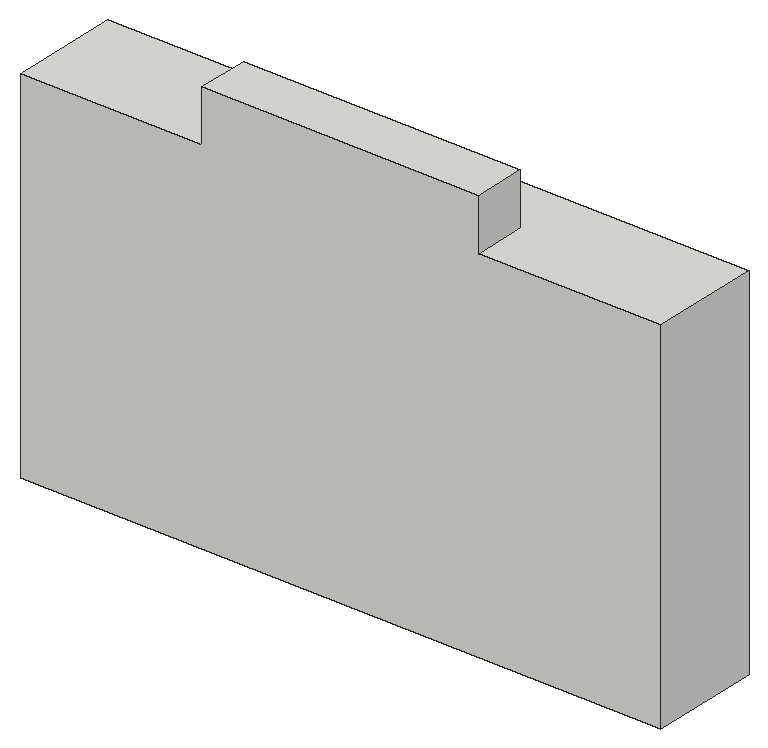
Revit family "T93060E Kubus65 Kombi LED strål LED driver_Tak ", category Lighting Fixtures, Revit 2016
Family settings
  Part Type = Normal
  Round Connector Dimension = Use Diameter
  OmniClass Number = 23.80.70.11.21
  OmniClass Title = Emergency Lighting
  Work Plane-Based = No
  Always vertical = Yes
  Cut with Voids When Loaded = No
  Light Source = Yes
  Shared = No
  Room Calculation Point = No
Parameters (values of type "MarkeringsLys (45 Ned mot venstre)")
  Type Comments = "-UN"
  NS8360 = "4431_WT2"
  Markeringslys normal = no
  Markeringslys ikke normal = yes
  Keynote = "WT2"
  Height 2 = 30 mm
  Width = 63.5 mm
  Wattage Comments = "17 W"
  Wattage = 9.2903 W
  built-in parameter 1150110 = 1 (stored number, unit not read)
  Voltage = 230 V
  URL = ""
  built-in parameter 1114217 = 1 (stored number, unit not read)
  Tilt Angle = 90.00°
  built-in parameter 1150109 = 1 (stored number, unit not read)
  built-in parameter 1150134 = 3
  Symbol Positive Direction [instance] = yes
  Symbol Offset Side [instance] = 0 mm
  Symbol Offset Out [instance] = 0 mm
  built-in parameter 1150113 = 1 (stored number, unit not read)
  Reference Line Out [instance] = 50 mm
  Photometric Web File = "20x42A12.ies"
  Number of Poles = 1
  MarkeringsLys Venstre = no
  MarkeringsLys Ned = no
  MarkeringsLys Opp = no
  MarkeringsLys Høyre = no
  MarkeringsLys 45 Opp mot venstre = no
  MarkeringsLys 45 Opp mot høyre = no
  MarkeringsLys 45 Ned mot venstre = yes
  MarkeringsLys 45 Ned mot høyre = no
  ML = yes
  built-in parameter 1150105 = 109.82 (stored number, unit not read)
  Lumens = 1380 lm
  built-in parameter 1150115 = 1 (stored number, unit not read)
  Load Classification [instance] = Other
  Model = ""
  Manufacturer = "Honeywell"
  built-in parameter 1150137 = (empty or 0)
  built-in parameter 1150139 = (empty or 0)
  Length 1 = 340 mm
  Length = 370 mm
  LedeLys = no
  built-in parameter 1150112 = 1 (stored number, unit not read)
  built-in parameter 1150114 = 1 (stored number, unit not read)
  Lamp = "1"
  built-in parameter 1150132 = (empty or 0)
  built-in parameter 1150102 = (empty or 0)
  built-in parameter 1150107 = 3200 (stored number, unit not read)
  built-in parameter 1150138 = (empty or 0)
  built-in parameter 1150106 = 1.0982 (stored number, unit not read)
  Height 1 = 180 mm
  Height = 209 mm
  Emit from Rectangle Width = Height  # 209 mm
  Emit from Rectangle Length = Length  # 370 mm
  Emit Shape Visible in Rendering = no
  built-in parameter 1150104 = 13.8 (stored number, unit not read)
  Dimming Lamp Color Temperature Shift = <None>
  Description = ""
  Color Filter = 16777215
  Body Material and Colour = Steel
  built-in parameter 1114218 = 1 (stored number, unit not read)
  built-in parameter 1150133 = 10 (stored number, unit not read)
  Assembly Code = "4431"
  Apparent Load = 17 VA
Types (9, lengths in mm): name | NS8360 | Markeringslys normal | Markeringslys ikke normal | MarkeringsLys Venstre | MarkeringsLys Ned | MarkeringsLys Opp | MarkeringsLys Høyre | MarkeringsLys 45 Opp mot venstre | MarkeringsLys 45 Opp mot høyre | MarkeringsLys 45 Ned mot venstre | MarkeringsLys 45 Ned mot høyre | ML | LedeLys | Assembly Code
  LedeLys | "4432_WT2" | yes | no | no | no | no | no | no | no | no | no | no | yes | "4432"
  MarkeringsLys (Ned) | "4431_WT2" | yes | no | no | yes | no | no | no | no | no | no | yes | no | "4431"
  MarkeringsLys (Opp) | "4431_WT2" | yes | no | no | no | yes | no | no | no | no | no | yes | no | "4431"
  MarkeringsLys (Venstre) | "4431_WT2" | no | yes | yes | no | no | no | no | no | no | no | yes | no | "4431"
  MarkeringsLys (Høyre) | "4431_WT2" | yes | no | no | no | no | yes | no | no | no | no | yes | no | "4431"
  MarkeringsLys (45 Ned mot høyre) | "4431_WT2" | yes | no | no | no | no | no | no | no | no | yes | yes | no | "4431"
  MarkeringsLys (45 Ned mot venstre) | "4431_WT2" | no | yes | no | no | no | no | no | no | yes | no | yes | no | "4431"
  MarkeringsLys (45 Opp mot høyre) | "4431_WT2" | yes | no | no | no | no | no | no | yes | no | no | yes | no | "4431"
  MarkeringsLys (45 Opp mot venstre) | "4431_WT2" | no | yes | no | no | no | no | yes | no | no | no | yes | no | "4431"
Reference planes
  plane 1 "Light Source Axis (F/B)": y = 119.961
  plane 2 "Top": z = 83
  plane 3 "Light Source Axis (L/R)": x = 0
  plane 4 "Level": z = -30
  plane 5 "Bottom": z = -239
  plane 6: x = -185
  plane 7: x = 185
  plane 8: y = 181.461
  plane 9: y = 183.461
  plane 10: z = -44.5
  plane 11: x = -170
  plane 12: x = 170
  plane 13: z = -134.5
  plane 14: z = -224.5
  plane 15: x = -80
  plane 16: x = 80
  plane 17: y = 149.961
Forms (mm)
  Extrusion 1, solid, material "Steel" <- "Body Material and Colour"
    sketch origin (0, 119.961, 0) x (1, 0, 0) y (0, 0, 1)
      loop
        line (-185, -30) -> (-185, -239) -> (185, -239) -> (185, -30) -> (-185, -30)
    from 0 to -61.5
  Extrusion 2, solid, material "Steel" <- "Body Material and Colour"
    sketch origin (0, 119.961, 0) x (1, 0, 0) y (0, 0, 1)
      loop
        line (-185, -30) -> (-185, -239) -> (185, -239) -> (185, -30) -> (-185, -30)
      loop
        line (-170, -44.5) -> (-170, -224.5) -> (170, -224.5) -> (170, -44.5) -> (-170, -44.5)
    from -63.5 to -61.5
  Extrusion 3, solid, material "Steel" <- "Body Material and Colour"
    sketch origin (0, 119.961, 0) x (1, 0, 0) y (0, 0, 1)
      loop
        line (-80, 0) -> (-80, -30) -> (80, -30) -> (80, 0) -> (-80, 0)
    from 0 to -30
Cuts and joins
  joined: Extrusion 1, Extrusion 2, Extrusion 3
Lines and regions (mm)
  model lines, style "InvisibleLines"
    curve 1: line (0, 119.961, 0) -> (0, 169.961, 0)
  symbolic lines, style "InvisibleLines"
    curve 2: line (0, 119.961, 50) -> (0, 119.961, 0)
Dimensions and locks
  equal spacing: plane 6, plane 3 "Light Source Axis (L/R)", plane 7
  "Length": plane 6 to plane 7
  plane 8 to plane 1 "Light Source Axis (F/B)" = 61.5 mm
  locked: plane 9 to plane 8 at 2
  equal spacing: plane 4 "Level", plane 13, plane 5 "Bottom"
  "Height": plane 4 "Level" to plane 5 "Bottom"
  equal spacing: plane 11, plane 3 "Light Source Axis (L/R)", plane 12
  "Length 1": plane 11 to plane 12
  equal spacing: plane 10, plane 13, plane 14
  "Height 1": plane 10 to plane 14
  "Width": plane 1 "Light Source Axis (F/B)" to plane 9
  "Reference Line Out": plane 1 "Light Source Axis (F/B)" to curve 1
  plane 11 to plane 6 = 15 mm
  "Height 2": level to plane 4 "Level"
  equal spacing: plane 16, plane 3 "Light Source Axis (L/R)", plane 15
  locked: plane 16 to plane 15 at 160
  plane 1 "Light Source Axis (F/B)" to plane 17 = 30 mm
  aligned and locked: plane 3 "Light Source Axis (L/R)" to nested 2
  aligned and locked: plane 1 "Light Source Axis (F/B)" to nested 2
  aligned and locked: plane 8 to nested 1
  aligned and locked: plane 4 "Level" to Extrusion 1 sketch curve
  aligned and locked: plane 6 to Extrusion 1 sketch curve
  aligned and locked: plane 5 "Bottom" to Extrusion 1 sketch curve
  aligned and locked: Extrusion 1 sketch curve to plane 7
  aligned and locked: Extrusion 1 to plane 8
  aligned and locked: plane 1 "Light Source Axis (F/B)" to Extrusion 1
  aligned and locked: plane 4 "Level" to Extrusion 2 sketch curve
  aligned and locked: Extrusion 2 sketch curve to plane 7
  aligned and locked: plane 5 "Bottom" to Extrusion 2 sketch curve
  aligned and locked: plane 6 to Extrusion 2 sketch curve
  aligned and locked: Extrusion 2 sketch curve to plane 10
  aligned and locked: plane 11 to Extrusion 2 sketch curve
  aligned and locked: plane 14 to Extrusion 2 sketch curve
  aligned and locked: Extrusion 2 sketch curve to plane 12
  aligned and locked: plane 8 to Extrusion 2
  aligned and locked: Extrusion 2 to plane 9
  aligned and locked: nested 1 to plane 13
  aligned and locked: plane 13 to imposter light
  aligned and locked: imposter light to plane 1 "Light Source Axis (F/B)"
  aligned and locked: imposter light to plane 3 "Light Source Axis (L/R)"
  aligned and locked: plane 1 "Light Source Axis (F/B)" to curve 1
  aligned and locked: plane 3 "Light Source Axis (L/R)" to curve 1
  aligned and locked: nested 3 to plane 3 "Light Source Axis (L/R)"
  aligned and locked: plane 13 to nested 3
  aligned and locked: nested 3 to plane 8
  aligned and locked: plane 13 to nested 4
  aligned and locked: nested 4 to plane 3 "Light Source Axis (L/R)"
  aligned and locked: nested 4 to plane 8
  aligned and locked: plane 13 to nested 5
  aligned and locked: nested 5 to plane 3 "Light Source Axis (L/R)"
  aligned and locked: nested 5 to plane 8
  aligned and locked: plane 13 to nested 6
  aligned and locked: nested 6 to plane 3 "Light Source Axis (L/R)"
  aligned and locked: nested 6 to plane 8
  aligned and locked: nested 7 to plane 8
  aligned and locked: nested 7 to plane 3 "Light Source Axis (L/R)"
  aligned and locked: plane 13 to nested 7
  aligned and locked: nested 8 to plane 8
  aligned and locked: nested 8 to plane 3 "Light Source Axis (L/R)"
  aligned and locked: plane 13 to nested 8
  aligned and locked: nested 9 to plane 8
  aligned and locked: plane 13 to nested 9
  aligned and locked: nested 9 to plane 3 "Light Source Axis (L/R)"
  aligned and locked: plane 15 to Extrusion 3 sketch curve
  aligned and locked: Extrusion 3 sketch curve to plane 16
  aligned and locked: Extrusion 3 sketch curve to level
  aligned and locked: Extrusion 3 sketch curve to plane 4 "Level"
  aligned and locked: plane 17 to Extrusion 3
  aligned and locked: curve 2 to plane 3 "Light Source Axis (L/R)"
  aligned and locked: level to curve 2
  aligned and locked: plane 3 "Light Source Axis (L/R)" to nested 10
  aligned and locked: plane 1 "Light Source Axis (F/B)" to nested 10
Automatic sketch dimensions
  plane 2 "Top" to curve 2 = 33 mm
Nested families
  nested 1: "Formula 65_ned" at (0, 181.461, -134.5), type "Formula 65"
  nested 2: "LedelysS" at (0, 119.961, 0), visible <- "LedeLys", type "Type 1"
  nested 3: "Formula 65_skrått 45 grader ned mot høyre" at (0, 181.461, -134.5) x (-1, 0, 0) z (0, 0, 1), visible <- "LedeLys", type "Formula 65"
  nested 4: "Formula 65_skrått 45 grader ned mot venstre" at (0, 181.461, -134.5) x (-1, 0, 0) z (0, 0, 1), type "Formula 65"
  nested 5: "Formula 65_skrått 45 grader opp mot høyre" at (0, 181.461, -134.5) x (-1, 0, 0) z (0, 0, 1), type "Formula 65"
  nested 6: "Formula 65_skrått 45 grader opp mot venstre" at (0, 181.461, -134.5) x (-1, 0, 0) z (0, 0, 1), type "Formula 65"
  nested 7: "Formula 65_høyre" at (0, 181.461, -134.5) x (-1, 0, 0) z (0, 0, 1), type "Formula 65"
  nested 8: "Formula 65_opp" at (0, 181.461, -134.5) x (-1, 0, 0) z (0, 0, 1), type "Formula 65"
  nested 9: "Formula 65_venstre" at (0, 181.461, -134.5) x (-1, 0, 0) z (0, 0, 1), type "Formula 65"
  nested 10: "Markeringslys1sideS" at (0, 119.961, 0), visible <- "ML", type "Type 1"
Connectors
  electrical at (0, 119.961, 0), driven by "Number of Poles", driven by "Load Classification", driven by "Voltage", driven by "Apparent Load"
    settings: index 1, voltage 230 V, apparent load 0 VA, apparent load phase1 17 VA, apparent load phase2 0 VA, apparent load phase3 0 VA, power factor 1, load classification "Other", number of poles 1, system type 31, power factor state 1, is connector primary yes, connector utility no, sub classification motor no, connector description ""
Definition of nested family "Formula 65_skrått 45 grader ned mot venstre"
  Parameters (values of type "Formula 65")
    L = 205 mm
    H = 135 mm
    45 ned mot venstre = yes
  Reference planes
    plane 1 "Center (Front/Back)": y = 0
    plane 2: z = 0
    plane 3 "Center (Left/Right)": x = 0
    plane 4: y = -2
  Forms (mm)
    Extrusion 1, solid, visible <- "45 ned mot venstre"
      sketch origin (453.48, 0, -265.275) x (1, 0, 0) y (0, 0, 1)
        loop
          line (-283.48, 355.275) -> (-623.48, 355.275) -> (-623.48, 175.275) -> (-283.48, 175.275) -> (-283.48, 355.275)
        loop
          circle (-413.631, 316.426) r 9.538
        loop
          line (-405.818, 299.649) -> (-410.792, 294.675) -> (-405.215, 285.016) -> (-421.051, 271.728)
          arc (-421.051, 271.728) -> (-421.985, 269.934) -> (-421.377, 268.006) r 2.642
          line (-421.377, 268.006) -> (-419.113, 265.307)
          arc (-419.113, 265.307) -> (-417.319, 264.373) -> (-415.391, 264.981) r 2.642
          line (-415.391, 264.981) -> (-400.744, 277.271) -> (-394.037, 265.655) -> (-409.421, 252.746) -> (-409.421, 210.706)
          arc (-409.421, 210.706) -> (-408.132, 207.592) -> (-405.018, 206.303) r 4.403
          line (-405.018, 206.303) -> (-400.615, 206.303)
          arc (-400.615, 206.303) -> (-397.501, 207.592) -> (-396.211, 210.706) r 4.403
          line (-396.211, 210.706) -> (-396.211, 246.586) -> (-387.33, 254.038) -> (-380.295, 241.853) -> (-334.565, 241.853)
          arc (-334.565, 241.853) -> (-331.452, 243.143) -> (-330.162, 246.257) r 4.403
          line (-330.162, 246.257) -> (-330.162, 250.66)
          arc (-330.162, 250.66) -> (-331.452, 253.773) -> (-334.565, 255.063) r 4.403
          line (-334.565, 255.063) -> (-357.415, 255.063) -> (-379.592, 293.474) -> (-356.678, 289.013) -> (-348.425, 274.717)
          arc (-348.425, 274.717) -> (-346.753, 273.469) -> (-344.698, 273.823) r 2.642
          line (-344.698, 273.823) -> (-341.647, 275.804)
          arc (-341.647, 275.804) -> (-340.501, 277.47) -> (-340.87, 279.459) r 2.642
          line (-340.87, 279.459) -> (-352.354, 297.143) -> (-398.173, 306.065) -> (-405.818, 299.649)
        loop
          line (-564.312, 266.72) -> (-564.312, 224.97) -> (-522.562, 224.97) -> (-510.037, 237.495) -> (-539.262, 237.495) -> (-477.439, 299.317) -> (-489.964, 311.842) -> (-551.787, 250.02) -> (-551.787, 279.245) -> (-564.312, 266.72)
      from 0 to 2
  Dimensions and locks
    aligned and locked: level to plane 2
Definition of nested family "Formula 65_ned"
  Parameters (values of type "Formula 65")
    Ned = no
    L = 205 mm
    H = 135 mm
  Reference planes
    plane 1 "Center (Front/Back)": y = 0
    plane 2: z = 0
    plane 3 "Center (Left/Right)": x = 0
    plane 4: y = -2
  Forms (mm)
    Extrusion 1, solid, visible <- "Ned"
      sketch origin (453.48, 0, -265.275) x (1, 0, 0) y (0, 0, 1)
        loop
          line (-283.48, 355.275) -> (-623.48, 355.275) -> (-623.48, 175.275) -> (-283.48, 175.275) -> (-283.48, 355.275)
        loop
          line (-488.223, 237.797) -> (-488.223, 255.51) -> (-508.888, 234.844) -> (-508.888, 322.275) -> (-526.602, 322.275) -> (-526.602, 234.844) -> (-547.267, 255.51) -> (-547.267, 237.797) -> (-517.745, 208.275) -> (-488.223, 237.797)
        loop
          circle (-413.631, 316.426) r 9.538
        loop
          line (-405.818, 299.649) -> (-410.792, 294.675) -> (-405.215, 285.016) -> (-421.051, 271.728)
          arc (-421.051, 271.728) -> (-421.985, 269.934) -> (-421.377, 268.006) r 2.642
          line (-421.377, 268.006) -> (-419.113, 265.307)
          arc (-419.113, 265.307) -> (-417.319, 264.373) -> (-415.391, 264.981) r 2.642
          line (-415.391, 264.981) -> (-400.744, 277.271) -> (-394.037, 265.655) -> (-409.421, 252.746) -> (-409.421, 210.706)
          arc (-409.421, 210.706) -> (-408.132, 207.592) -> (-405.018, 206.303) r 4.403
          line (-405.018, 206.303) -> (-400.615, 206.303)
          arc (-400.615, 206.303) -> (-397.501, 207.592) -> (-396.211, 210.706) r 4.403
          line (-396.211, 210.706) -> (-396.211, 246.586) -> (-387.33, 254.038) -> (-380.295, 241.853) -> (-334.565, 241.853)
          arc (-334.565, 241.853) -> (-331.452, 243.143) -> (-330.162, 246.257) r 4.403
          line (-330.162, 246.257) -> (-330.162, 250.66)
          arc (-330.162, 250.66) -> (-331.452, 253.773) -> (-334.565, 255.063) r 4.403
          line (-334.565, 255.063) -> (-357.415, 255.063) -> (-379.592, 293.474) -> (-356.678, 289.013) -> (-348.425, 274.717)
          arc (-348.425, 274.717) -> (-346.753, 273.469) -> (-344.698, 273.823) r 2.642
          line (-344.698, 273.823) -> (-341.647, 275.804)
          arc (-341.647, 275.804) -> (-340.501, 277.47) -> (-340.87, 279.459) r 2.642
          line (-340.87, 279.459) -> (-352.354, 297.143) -> (-398.173, 306.065) -> (-405.818, 299.649)
      from 0 to 2
  Dimensions and locks
    aligned and locked: level to plane 2
Definition of nested family "LedelysS"
  Parameters
    CQ Symbol Positive Direction = yes
    CQ Symbol Negative Direction = not(CQ Symbol Positive Direction)  # no
    CQ Symbol Offset Side = 0 mm
    CQ Symbol Offset Out = 0 mm
  Reference planes
    plane 1: y = 0
    plane 2: x = 0
  Dimensions and locks
    "CQ Symbol Offset Out": plane 1 to nested 1
    "CQ Symbol Offset Out": plane 1 to nested 2
    "CQ Symbol Offset Side": plane 2 to nested 2
    "CQ Symbol Offset Side": nested 1 to plane 2
  Nested families
    nested 1: "LedelysSub" at (0, 0, 0), visible <- "CQ Symbol Negative Direction", type "Type 1"
    nested 2: "LedelysSub" at (0, 0, 0), visible <- "CQ Symbol Positive Direction", type "Type 1"
  Definition of nested family "LedelysSub"
    Reference planes
      plane 1: y = 0
      plane 2: x = 0
    Lines and regions (mm)
      detail lines
        curve 1: line (-4, 0, 0) -> (4, 0, 0)
        curve 2: line (4, 0, 0) -> (4, 4, 0)
        curve 3: line (4, 4, 0) -> (-4, 4, 0)
        curve 4: line (-4, 4, 0) -> (-4, 0, 0)
        curve 5: line (-3.097, 0.75, 0) -> (-0.597, 3.25, 0)
        curve 6: line (-3.097, 3.25, 0) -> (-0.597, 0.75, 0)
        curve 7: circle (-1.847, 2, 0) r 1.2 normal (0, 0, 1)
    Text (mm)
      text "LL" at (2.179, 3.025, 0)
Definition of nested family "Formula 65_skrått 45 grader ned mot høyre"
  Parameters (values of type "Formula 65")
    L = 205 mm
    H = 135 mm
    45 ned mot høyre = no
  Reference planes
    plane 1 "Center (Front/Back)": y = 0
    plane 2: z = 0
    plane 3 "Center (Left/Right)": x = 0
    plane 4: y = -2
    plane 5: x = -242.63
    plane 6: x = 245
  Forms (mm)
    Extrusion 1, solid, visible <- "45 ned mot høyre"
      sketch origin (453.48, 0, -265.275) x (1, 0, 0) y (0, 0, 1)
        loop
          line (-283.48, 355.275) -> (-623.48, 355.275) -> (-623.48, 175.275) -> (-283.48, 175.275) -> (-283.48, 355.275)
        loop
          circle (-493.329, 316.426) r 9.538
        loop
          line (-501.141, 299.649) -> (-508.786, 306.065) -> (-554.605, 297.143) -> (-566.089, 279.459)
          arc (-566.089, 279.459) -> (-566.458, 277.47) -> (-565.312, 275.804) r 2.642
          line (-565.312, 275.804) -> (-562.261, 273.823)
          arc (-562.261, 273.823) -> (-560.206, 273.469) -> (-558.534, 274.717) r 2.642
          line (-558.534, 274.717) -> (-550.281, 289.013) -> (-527.367, 293.474) -> (-549.544, 255.063) -> (-572.394, 255.063)
          arc (-572.394, 255.063) -> (-575.507, 253.773) -> (-576.797, 250.66) r 4.403
          line (-576.797, 250.66) -> (-576.797, 246.257)
          arc (-576.797, 246.257) -> (-575.507, 243.143) -> (-572.394, 241.853) r 4.403
          line (-572.394, 241.853) -> (-526.664, 241.853) -> (-519.629, 254.038) -> (-510.748, 246.586) -> (-510.748, 210.706)
          arc (-510.748, 210.706) -> (-509.458, 207.592) -> (-506.344, 206.303) r 4.403
          line (-506.344, 206.303) -> (-501.941, 206.303)
          arc (-501.941, 206.303) -> (-498.828, 207.592) -> (-497.538, 210.706) r 4.403
          line (-497.538, 210.706) -> (-497.538, 252.746) -> (-512.922, 265.655) -> (-506.215, 277.271) -> (-491.568, 264.981)
          arc (-491.568, 264.981) -> (-489.64, 264.373) -> (-487.846, 265.307) r 2.642
          line (-487.846, 265.307) -> (-485.582, 268.006)
          arc (-485.582, 268.006) -> (-484.974, 269.934) -> (-485.908, 271.728) r 2.642
          line (-485.908, 271.728) -> (-501.744, 285.016) -> (-496.167, 294.675) -> (-501.141, 299.649)
        loop
          line (-336.647, 266.72) -> (-349.172, 279.245) -> (-349.172, 250.02) -> (-410.995, 311.842) -> (-423.52, 299.317) -> (-361.697, 237.495) -> (-390.923, 237.495) -> (-378.397, 224.97) -> (-336.647, 224.97) -> (-336.647, 266.72)
      from 0 to 2
  Dimensions and locks
    aligned and locked: level to plane 2
Definition of nested family "Formula 65_skrått 45 grader opp mot høyre"
  Parameters (values of type "Formula 65")
    L = 205 mm
    H = 135 mm
    45 grader opp mot høyre = yes
  Reference planes
    plane 1 "Center (Front/Back)": y = 0
    plane 2: z = 0
    plane 3 "Center (Left/Right)": x = 0
    plane 4: y = -2
  Forms (mm)
    Extrusion 1, solid, visible <- "45 grader opp mot høyre"
      sketch origin (453.48, 0, -265.275) x (1, 0, 0) y (0, 0, 1)
        loop
          line (-283.48, 355.275) -> (-623.48, 355.275) -> (-623.48, 175.275) -> (-283.48, 175.275) -> (-283.48, 355.275)
        loop
          circle (-493.329, 316.426) r 9.538
        loop
          line (-501.141, 299.649) -> (-508.786, 306.065) -> (-554.605, 297.143) -> (-566.089, 279.459)
          arc (-566.089, 279.459) -> (-566.458, 277.47) -> (-565.312, 275.804) r 2.642
          line (-565.312, 275.804) -> (-562.261, 273.823)
          arc (-562.261, 273.823) -> (-560.206, 273.469) -> (-558.534, 274.717) r 2.642
          line (-558.534, 274.717) -> (-550.281, 289.013) -> (-527.367, 293.474) -> (-549.544, 255.063) -> (-572.394, 255.063)
          arc (-572.394, 255.063) -> (-575.507, 253.773) -> (-576.797, 250.66) r 4.403
          line (-576.797, 250.66) -> (-576.797, 246.257)
          arc (-576.797, 246.257) -> (-575.507, 243.143) -> (-572.394, 241.853) r 4.403
          line (-572.394, 241.853) -> (-526.664, 241.853) -> (-519.629, 254.038) -> (-510.748, 246.586) -> (-510.748, 210.706)
          arc (-510.748, 210.706) -> (-509.458, 207.592) -> (-506.344, 206.303) r 4.403
          line (-506.344, 206.303) -> (-501.941, 206.303)
          arc (-501.941, 206.303) -> (-498.828, 207.592) -> (-497.538, 210.706) r 4.403
          line (-497.538, 210.706) -> (-497.538, 252.746) -> (-512.922, 265.655) -> (-506.215, 277.271) -> (-491.568, 264.981)
          arc (-491.568, 264.981) -> (-489.64, 264.373) -> (-487.846, 265.307) r 2.642
          line (-487.846, 265.307) -> (-485.582, 268.006)
          arc (-485.582, 268.006) -> (-484.974, 269.934) -> (-485.908, 271.728) r 2.642
          line (-485.908, 271.728) -> (-501.744, 285.016) -> (-496.167, 294.675) -> (-501.141, 299.649)
        loop
          line (-336.647, 263.83) -> (-336.647, 305.58) -> (-378.397, 305.58) -> (-390.923, 293.055) -> (-361.697, 293.055) -> (-423.52, 231.232) -> (-410.995, 218.707) -> (-349.172, 280.53) -> (-349.172, 251.304) -> (-336.647, 263.83)
      from 0 to 2
  Dimensions and locks
    aligned and locked: level to plane 2
Definition of nested family "Formula 65_skrått 45 grader opp mot venstre"
  Parameters (values of type "Formula 65")
    L = 205 mm
    H = 135 mm
    45 opp mot venstre = no
  Reference planes
    plane 1 "Center (Front/Back)": y = 0
    plane 2: z = 0
    plane 3 "Center (Left/Right)": x = 0
    plane 4: y = -2
  Forms (mm)
    Extrusion 1, solid, visible <- "45 opp mot venstre"
      sketch origin (453.48, 0, -265.275) x (1, 0, 0) y (0, 0, 1)
        loop
          line (-283.48, 355.275) -> (-623.48, 355.275) -> (-623.48, 175.275) -> (-283.48, 175.275) -> (-283.48, 355.275)
        loop
          circle (-413.631, 316.426) r 9.538
        loop
          line (-405.818, 299.649) -> (-410.792, 294.675) -> (-405.215, 285.016) -> (-421.051, 271.728)
          arc (-421.051, 271.728) -> (-421.985, 269.934) -> (-421.377, 268.006) r 2.642
          line (-421.377, 268.006) -> (-419.113, 265.307)
          arc (-419.113, 265.307) -> (-417.319, 264.373) -> (-415.391, 264.981) r 2.642
          line (-415.391, 264.981) -> (-400.744, 277.271) -> (-394.037, 265.655) -> (-409.421, 252.746) -> (-409.421, 210.706)
          arc (-409.421, 210.706) -> (-408.132, 207.592) -> (-405.018, 206.303) r 4.403
          line (-405.018, 206.303) -> (-400.615, 206.303)
          arc (-400.615, 206.303) -> (-397.501, 207.592) -> (-396.211, 210.706) r 4.403
          line (-396.211, 210.706) -> (-396.211, 246.586) -> (-387.33, 254.038) -> (-380.295, 241.853) -> (-334.565, 241.853)
          arc (-334.565, 241.853) -> (-331.452, 243.143) -> (-330.162, 246.257) r 4.403
          line (-330.162, 246.257) -> (-330.162, 250.66)
          arc (-330.162, 250.66) -> (-331.452, 253.773) -> (-334.565, 255.063) r 4.403
          line (-334.565, 255.063) -> (-357.415, 255.063) -> (-379.592, 293.474) -> (-356.678, 289.013) -> (-348.425, 274.717)
          arc (-348.425, 274.717) -> (-346.753, 273.469) -> (-344.698, 273.823) r 2.642
          line (-344.698, 273.823) -> (-341.647, 275.804)
          arc (-341.647, 275.804) -> (-340.501, 277.47) -> (-340.87, 279.459) r 2.642
          line (-340.87, 279.459) -> (-352.354, 297.143) -> (-398.173, 306.065) -> (-405.818, 299.649)
        loop
          line (-576.312, 263.83) -> (-563.787, 251.304) -> (-563.787, 280.53) -> (-501.964, 218.707) -> (-489.439, 231.232) -> (-551.262, 293.055) -> (-522.037, 293.055) -> (-534.562, 305.58) -> (-576.312, 305.58) -> (-576.312, 263.83)
      from 0 to 2
  Dimensions and locks
    aligned and locked: level to plane 2
Definition of nested family "Formula 65_høyre"
  Parameters (values of type "Formula 65")
    L = 205 mm
    Høyre = no
    H = 135 mm
  Reference planes
    plane 1 "Center (Front/Back)": y = 0
    plane 2: z = 0
    plane 3 "Center (Left/Right)": x = 0
    plane 4: y = -2
  Forms (mm)
    Extrusion 1, solid, visible <- "Høyre"
      sketch origin (453.48, 0, -265.275) x (1, 0, 0) y (0, 0, 1)
        loop
          line (-283.48, 355.275) -> (-623.48, 355.275) -> (-623.48, 175.275) -> (-283.48, 175.275) -> (-283.48, 355.275)
        loop
          circle (-493.329, 316.426) r 9.538
        loop
          line (-501.141, 299.649) -> (-508.786, 306.065) -> (-554.605, 297.143) -> (-566.089, 279.459)
          arc (-566.089, 279.459) -> (-566.458, 277.47) -> (-565.312, 275.804) r 2.642
          line (-565.312, 275.804) -> (-562.261, 273.823)
          arc (-562.261, 273.823) -> (-560.206, 273.469) -> (-558.534, 274.717) r 2.642
          line (-558.534, 274.717) -> (-550.281, 289.013) -> (-527.367, 293.474) -> (-549.544, 255.063) -> (-572.394, 255.063)
          arc (-572.394, 255.063) -> (-575.507, 253.773) -> (-576.797, 250.66) r 4.403
          line (-576.797, 250.66) -> (-576.797, 246.257)
          arc (-576.797, 246.257) -> (-575.507, 243.143) -> (-572.394, 241.853) r 4.403
          line (-572.394, 241.853) -> (-526.664, 241.853) -> (-519.629, 254.038) -> (-510.748, 246.586) -> (-510.748, 210.706)
          arc (-510.748, 210.706) -> (-509.458, 207.592) -> (-506.344, 206.303) r 4.403
          line (-506.344, 206.303) -> (-501.941, 206.303)
          arc (-501.941, 206.303) -> (-498.828, 207.592) -> (-497.538, 210.706) r 4.403
          line (-497.538, 210.706) -> (-497.538, 252.746) -> (-512.922, 265.655) -> (-506.215, 277.271) -> (-491.568, 264.981)
          arc (-491.568, 264.981) -> (-489.64, 264.373) -> (-487.846, 265.307) r 2.642
          line (-487.846, 265.307) -> (-485.582, 268.006)
          arc (-485.582, 268.006) -> (-484.974, 269.934) -> (-485.908, 271.728) r 2.642
          line (-485.908, 271.728) -> (-501.744, 285.016) -> (-496.167, 294.675) -> (-501.141, 299.649)
        loop
          line (-346.474, 294.797) -> (-364.187, 294.797) -> (-343.522, 274.131) -> (-430.952, 274.131) -> (-430.952, 256.418) -> (-343.522, 256.418) -> (-364.187, 235.753) -> (-346.474, 235.753) -> (-316.952, 265.275) -> (-346.474, 294.797)
      from 0 to 2
  Dimensions and locks
    aligned and locked: level to plane 2
Definition of nested family "Formula 65_opp"
  Parameters (values of type "Formula 65")
    Up = no
    L = 205 mm
    H = 135 mm
  Reference planes
    plane 1 "Center (Front/Back)": y = 0
    plane 2: z = 0
    plane 3 "Center (Left/Right)": x = 0
    plane 4: y = -2
  Forms (mm)
    Extrusion 1, solid, visible <- "Up"
      sketch origin (453.48, 0, -265.275) x (1, 0, 0) y (0, 0, 1)
        loop
          line (-283.48, 355.275) -> (-623.48, 355.275) -> (-623.48, 175.275) -> (-283.48, 175.275) -> (-283.48, 355.275)
        loop
          circle (-413.631, 316.426) r 9.538
        loop
          line (-405.818, 299.649) -> (-410.792, 294.675) -> (-405.215, 285.016) -> (-421.051, 271.728)
          arc (-421.051, 271.728) -> (-421.985, 269.934) -> (-421.377, 268.006) r 2.642
          line (-421.377, 268.006) -> (-419.113, 265.307)
          arc (-419.113, 265.307) -> (-417.319, 264.373) -> (-415.391, 264.981) r 2.642
          line (-415.391, 264.981) -> (-400.744, 277.271) -> (-394.037, 265.655) -> (-409.421, 252.746) -> (-409.421, 210.706)
          arc (-409.421, 210.706) -> (-408.132, 207.592) -> (-405.018, 206.303) r 4.403
          line (-405.018, 206.303) -> (-400.615, 206.303)
          arc (-400.615, 206.303) -> (-397.501, 207.592) -> (-396.211, 210.706) r 4.403
          line (-396.211, 210.706) -> (-396.211, 246.586) -> (-387.33, 254.038) -> (-380.295, 241.853) -> (-334.565, 241.853)
          arc (-334.565, 241.853) -> (-331.452, 243.143) -> (-330.162, 246.257) r 4.403
          line (-330.162, 246.257) -> (-330.162, 250.66)
          arc (-330.162, 250.66) -> (-331.452, 253.773) -> (-334.565, 255.063) r 4.403
          line (-334.565, 255.063) -> (-357.415, 255.063) -> (-379.592, 293.474) -> (-356.678, 289.013) -> (-348.425, 274.717)
          arc (-348.425, 274.717) -> (-346.753, 273.469) -> (-344.698, 273.823) r 2.642
          line (-344.698, 273.823) -> (-341.647, 275.804)
          arc (-341.647, 275.804) -> (-340.501, 277.47) -> (-340.87, 279.459) r 2.642
          line (-340.87, 279.459) -> (-352.354, 297.143) -> (-398.173, 306.065) -> (-405.818, 299.649)
        loop
          line (-488.223, 292.753) -> (-517.745, 322.275) -> (-547.267, 292.753) -> (-547.267, 275.04) -> (-526.602, 295.705) -> (-526.602, 208.275) -> (-508.888, 208.275) -> (-508.888, 295.705) -> (-488.223, 275.04) -> (-488.223, 292.753)
      from 0 to 2
  Dimensions and locks
    aligned and locked: level to plane 2
Definition of nested family "Formula 65_venstre"
  Parameters (values of type "Formula 65")
    Venstre = no
    L = 340 mm
    H = 135 mm
  Reference planes
    plane 1 "Center (Front/Back)": y = 0
    plane 2: z = 0
    plane 3 "Center (Left/Right)": x = 0
    plane 4: y = -2
  Forms (mm)
    Extrusion 1, solid, visible <- "Venstre"
      sketch origin (453.48, 0, -265.275) x (1, 0, 0) y (0, 0, 1)
        loop
          line (-283.48, 355.275) -> (-623.48, 355.275) -> (-623.48, 175.275) -> (-283.48, 175.275) -> (-283.48, 355.275)
        loop
          circle (-413.631, 316.426) r 9.538
        loop
          line (-405.818, 299.649) -> (-410.792, 294.675) -> (-405.215, 285.016) -> (-421.051, 271.728)
          arc (-421.051, 271.728) -> (-421.985, 269.934) -> (-421.377, 268.006) r 2.642
          line (-421.377, 268.006) -> (-419.113, 265.307)
          arc (-419.113, 265.307) -> (-417.319, 264.373) -> (-415.391, 264.981) r 2.642
          line (-415.391, 264.981) -> (-400.744, 277.271) -> (-394.037, 265.655) -> (-409.421, 252.746) -> (-409.421, 210.706)
          arc (-409.421, 210.706) -> (-408.132, 207.592) -> (-405.018, 206.303) r 4.403
          line (-405.018, 206.303) -> (-400.615, 206.303)
          arc (-400.615, 206.303) -> (-397.501, 207.592) -> (-396.211, 210.706) r 4.403
          line (-396.211, 210.706) -> (-396.211, 246.586) -> (-387.33, 254.038) -> (-380.295, 241.853) -> (-334.565, 241.853)
          arc (-334.565, 241.853) -> (-331.452, 243.143) -> (-330.162, 246.257) r 4.403
          line (-330.162, 246.257) -> (-330.162, 250.66)
          arc (-330.162, 250.66) -> (-331.452, 253.773) -> (-334.565, 255.063) r 4.403
          line (-334.565, 255.063) -> (-357.415, 255.063) -> (-379.592, 293.474) -> (-356.678, 289.013) -> (-348.425, 274.717)
          arc (-348.425, 274.717) -> (-346.753, 273.469) -> (-344.698, 273.823) r 2.642
          line (-344.698, 273.823) -> (-341.647, 275.804)
          arc (-341.647, 275.804) -> (-340.501, 277.47) -> (-340.87, 279.459) r 2.642
          line (-340.87, 279.459) -> (-352.354, 297.143) -> (-398.173, 306.065) -> (-405.818, 299.649)
        loop
          line (-549.985, 294.797) -> (-579.507, 265.275) -> (-549.985, 235.753) -> (-532.272, 235.753) -> (-552.937, 256.418) -> (-465.507, 256.418) -> (-465.507, 274.131) -> (-552.937, 274.131) -> (-532.272, 294.797) -> (-549.985, 294.797)
      from 0 to 2
  Dimensions and locks
    aligned and locked: level to plane 2
Definition of nested family "Markeringslys1sideS"
  Parameters (values of type "Type 1")
    Venstre opp 45 = no
    Venstre ned 45 = no
    Venstre = no
    Opp = no
    Normal = yes
    Ned = no
    Ikke normal = no
    Høyre opp 45 = no
    Høyre ned 45 = yes
    Høyre = no
    CQ Symbol Positive Direction = yes
    CQ Symbol Negative Direction = not(CQ Symbol Positive Direction)  # no
    CQ Symbol Offset Side = 0 mm
    CQ Symbol Offset Out = 0 mm
  Reference planes
    plane 1: y = 0
    plane 2: x = 0
  Dimensions and locks
    "CQ Symbol Offset Out": plane 1 to nested 1
    "CQ Symbol Offset Out": plane 1 to nested 2
    "CQ Symbol Offset Side": plane 2 to nested 2
    "CQ Symbol Offset Side": nested 1 to plane 2
  Nested families
    nested 1: "Markeringslys dobbel" at (0, 0, 0), visible <- "CQ Symbol Negative Direction", type "Type 1"
    nested 2: "Markeringslys dobbel" at (0, 0, 0), visible <- "CQ Symbol Positive Direction", type "Type 1"
  Definition of nested family "Markeringslys dobbel"
    Parameters (values of type "Type 1")
      Venstre opp 45 = no
      Venstre ned 45 = no
      Venstre = yes
      Opp = no
      Normal = no
      Ned = no
      Ikke normal = yes
      Høyre opp 45 = no
      Høyre ned 45 = no
      Høyre = no
    Reference planes
      plane 1: y = 0
      plane 2: x = 0
    Lines and regions (mm)
      detail lines
        curve 1: line (-4, 0, 0) -> (4, 0, 0)
        curve 2: line (-4, 4, 0) -> (4, 4, 0)
        curve 3: line (4, 4, 0) -> (4, 0, 0)
        curve 4: line (4, 0, 0) -> (-4, 0, 0)
        curve 5: line (-4, 0, 0) -> (-4, 4, 0)
      detail lines, visible <- "Ned"
        curve 6: line (-2.346, 0.5, 0) -> (-1.646, 0.5, 0)
        curve 7: line (-2.346, 0.5, 0) -> (-2.346, 2.584, 0)
        curve 8: line (-1.646, 0.5, 0) -> (-1.646, 2.584, 0)
        curve 9: line (-1.996, 3.5, 0) -> (-2.996, 2.5, 0)
        curve 10: line (-2.996, 2.5, 0) -> (-2.996, 1.934, 0)
        curve 11: line (-2.996, 1.934, 0) -> (-2.346, 2.584, 0)
        curve 12: line (-1.996, 3.5, 0) -> (-0.996, 2.5, 0)
        curve 13: line (-0.996, 2.5, 0) -> (-0.996, 1.934, 0)
        curve 14: line (-0.996, 1.934, 0) -> (-1.646, 2.584, 0)
      detail lines, visible <- "Normal"
        curve 15: circle (1.212, 0.614, 0) r 0.3 normal (0, 0, -1)
        curve 16: line (0.986, 3.7, 0) -> (1.395, 3.7, 0)
        curve 17: line (0.986, 3.7, 0) -> (1.823, 2.308, 0)
        curve 18: line (1.823, 2.308, 0) -> (1.461, 1.495, 0)
        curve 19: line (1.069, 2.147, 0) -> (1.461, 1.495, 0)
        curve 20: line (1.069, 2.147, 0) -> (0.487, 2.147, 0)
        curve 21: line (0.487, 2.147, 0) -> (0.487, 1.847, 0)
        curve 22: line (0.487, 1.847, 0) -> (0.899, 1.847, 0)
        curve 23: line (0.899, 1.847, 0) -> (1.307, 1.169, 0)
        curve 24: line (1.395, 3.7, 0) -> (2.104, 2.518, 0)
        curve 25: line (1.307, 1.169, 0) -> (1.753, 0.97, 0)
        curve 26: line (1.753, 0.97, 0) -> (2.625, 0.97, 0)
        curve 27: line (2.625, 0.97, 0) -> (2.99, 1.627, 0)
        curve 28: line (2.99, 1.627, 0) -> (2.769, 1.848, 0)
        curve 29: line (2.769, 1.848, 0) -> (2.457, 1.285, 0)
        curve 30: line (2.104, 2.518, 0) -> (2.259, 3.229, 0)
        curve 31: line (2.259, 3.229, 0) -> (3.557, 3.229, 0)
        curve 32: line (3.557, 3.229, 0) -> (3.457, 2.879, 0)
        curve 33: line (3.457, 2.879, 0) -> (2.541, 2.879, 0)
        curve 34: line (2.541, 2.879, 0) -> (2.4, 2.23, 0)
        curve 35: line (2.4, 2.23, 0) -> (2.021, 1.38, 0)
        curve 36: line (2.021, 1.38, 0) -> (2.457, 1.285, 0)
      detail lines, visible <- "Opp"
        curve 37: line (-1.646, 3.5, 0) -> (-2.346, 3.5, 0)
        curve 38: line (-1.646, 3.5, 0) -> (-1.646, 1.416, 0)
        curve 39: line (-2.346, 3.5, 0) -> (-2.346, 1.416, 0)
        curve 40: line (-1.996, 0.5, 0) -> (-0.996, 1.5, 0)
        curve 41: line (-0.996, 1.5, 0) -> (-0.996, 2.066, 0)
        curve 42: line (-0.996, 2.066, 0) -> (-1.646, 1.416, 0)
        curve 43: line (-1.996, 0.5, 0) -> (-2.996, 1.5, 0)
        curve 44: line (-2.996, 1.5, 0) -> (-2.996, 2.066, 0)
        curve 45: line (-2.996, 2.066, 0) -> (-2.346, 1.416, 0)
      detail lines, visible <- "Høyre"
        curve 46: line (-0.496, 1.65, 0) -> (-0.496, 2.35, 0)
        curve 47: line (-0.496, 1.65, 0) -> (-2.58, 1.65, 0)
        curve 48: line (-0.496, 2.35, 0) -> (-2.58, 2.35, 0)
        curve 49: line (-3.496, 2, 0) -> (-2.466, 0.97, 0)
        curve 50: line (-2.496, 1, 0) -> (-1.93, 1, 0)
        curve 51: line (-1.93, 1, 0) -> (-2.58, 1.65, 0)
        curve 52: line (-3.496, 2, 0) -> (-2.496, 3, 0)
        curve 53: line (-2.496, 3, 0) -> (-1.93, 3, 0)
        curve 54: line (-1.93, 3, 0) -> (-2.58, 2.35, 0)
      detail lines, visible <- "Ikke normal"
        curve 55: circle (-1.299, 0.614, 0) r 0.3 normal (0, 0, 1)
        curve 56: line (-1.073, 3.7, 0) -> (-1.482, 3.7, 0)
        curve 57: line (-1.073, 3.7, 0) -> (-1.91, 2.308, 0)
        curve 58: line (-1.91, 2.308, 0) -> (-1.548, 1.495, 0)
        curve 59: line (-1.156, 2.147, 0) -> (-1.548, 1.495, 0)
        curve 60: line (-1.156, 2.147, 0) -> (-0.574, 2.147, 0)
        curve 61: line (-0.574, 2.147, 0) -> (-0.574, 1.847, 0)
        curve 62: line (-0.574, 1.847, 0) -> (-0.986, 1.847, 0)
        curve 63: line (-0.986, 1.847, 0) -> (-1.394, 1.169, 0)
        curve 64: line (-1.482, 3.7, 0) -> (-2.192, 2.518, 0)
        curve 65: line (-1.394, 1.169, 0) -> (-1.84, 0.97, 0)
        curve 66: line (-1.84, 0.97, 0) -> (-2.713, 0.97, 0)
        curve 67: line (-2.713, 0.97, 0) -> (-3.077, 1.627, 0)
        curve 68: line (-3.077, 1.627, 0) -> (-2.856, 1.848, 0)
        curve 69: line (-2.856, 1.848, 0) -> (-2.544, 1.285, 0)
        curve 70: line (-2.192, 2.518, 0) -> (-2.346, 3.229, 0)
        curve 71: line (-2.346, 3.229, 0) -> (-3.644, 3.229, 0)
        curve 72: line (-3.644, 3.229, 0) -> (-3.544, 2.879, 0)
        curve 73: line (-3.544, 2.879, 0) -> (-2.628, 2.879, 0)
        curve 74: line (-2.628, 2.879, 0) -> (-2.487, 2.23, 0)
        curve 75: line (-2.487, 2.23, 0) -> (-2.108, 1.38, 0)
        curve 76: line (-2.108, 1.38, 0) -> (-2.544, 1.285, 0)
      detail lines, visible <- "Venstre"
        curve 77: line (0.409, 1.65, 0) -> (0.409, 2.35, 0)
        curve 78: line (0.409, 1.65, 0) -> (2.493, 1.65, 0)
        curve 79: line (0.409, 2.35, 0) -> (2.493, 2.35, 0)
        curve 80: line (3.409, 2, 0) -> (2.409, 1, 0)
        curve 81: line (2.409, 1, 0) -> (1.843, 1, 0)
        curve 82: line (1.843, 1, 0) -> (2.493, 1.65, 0)
        curve 83: line (3.409, 2, 0) -> (2.409, 3, 0)
        curve 84: line (2.409, 3, 0) -> (1.843, 3, 0)
        curve 85: line (1.843, 3, 0) -> (2.493, 2.35, 0)
      detail lines, visible <- "Venstre opp 45"
        curve 86: line (0.601, 2.813, 0) -> (1.096, 3.308, 0)
        curve 87: line (0.601, 2.813, 0) -> (2.075, 1.339, 0)
        curve 88: line (1.096, 3.308, 0) -> (2.57, 1.834, 0)
        curve 89: line (2.97, 0.939, 0) -> (1.556, 0.939, 0)
        curve 90: line (1.556, 0.939, 0) -> (1.156, 1.339, 0)
        curve 91: line (1.156, 1.339, 0) -> (2.075, 1.339, 0)
        curve 92: line (2.97, 0.939, 0) -> (2.97, 2.354, 0)
        curve 93: line (2.97, 2.354, 0) -> (2.57, 2.754, 0)
        curve 94: line (2.57, 2.754, 0) -> (2.57, 1.834, 0)
      detail lines, visible <- "Venstre ned 45"
        curve 95: line (1.096, 0.939, 0) -> (0.601, 1.434, 0)
        curve 96: line (1.096, 0.939, 0) -> (2.57, 2.413, 0)
        curve 97: line (0.601, 1.434, 0) -> (2.075, 2.908, 0)
        curve 98: line (2.97, 3.308, 0) -> (2.97, 1.894, 0)
        curve 99: line (2.97, 1.894, 0) -> (2.57, 1.494, 0)
        curve 100: line (2.57, 1.494, 0) -> (2.57, 2.413, 0)
        curve 101: line (2.97, 3.308, 0) -> (1.556, 3.308, 0)
        curve 102: line (1.556, 3.308, 0) -> (1.156, 2.908, 0)
        curve 103: line (1.156, 2.908, 0) -> (2.075, 2.908, 0)
      detail lines, visible <- "Høyre ned 45"
        curve 104: line (-1.18, 0.517, 0) -> (-0.685, 1.012, 0)
        curve 105: line (-1.18, 0.517, 0) -> (-2.654, 1.991, 0)
        curve 106: line (-0.685, 1.012, 0) -> (-2.159, 2.486, 0)
        curve 107: line (-3.054, 2.886, 0) -> (-3.054, 1.472, 0)
        curve 108: line (-3.054, 1.472, 0) -> (-2.654, 1.072, 0)
        curve 109: line (-2.654, 1.072, 0) -> (-2.654, 1.991, 0)
        curve 110: line (-3.054, 2.886, 0) -> (-1.64, 2.886, 0)
        curve 111: line (-1.64, 2.886, 0) -> (-1.24, 2.486, 0)
        curve 112: line (-1.24, 2.486, 0) -> (-2.159, 2.486, 0)
      detail lines, visible <- "Høyre opp 45"
        curve 113: line (-0.685, 2.391, 0) -> (-1.18, 2.886, 0)
        curve 114: line (-0.685, 2.391, 0) -> (-2.159, 0.917, 0)
        curve 115: line (-1.18, 2.886, 0) -> (-2.654, 1.412, 0)
        curve 116: line (-3.054, 0.517, 0) -> (-1.64, 0.517, 0)
        curve 117: line (-1.64, 0.517, 0) -> (-1.24, 0.917, 0)
        curve 118: line (-1.24, 0.917, 0) -> (-2.159, 0.917, 0)
        curve 119: line (-3.054, 0.517, 0) -> (-3.054, 1.932, 0)
        curve 120: line (-3.054, 1.932, 0) -> (-2.654, 2.332, 0)
        curve 121: line (-2.654, 2.332, 0) -> (-2.654, 1.412, 0)
